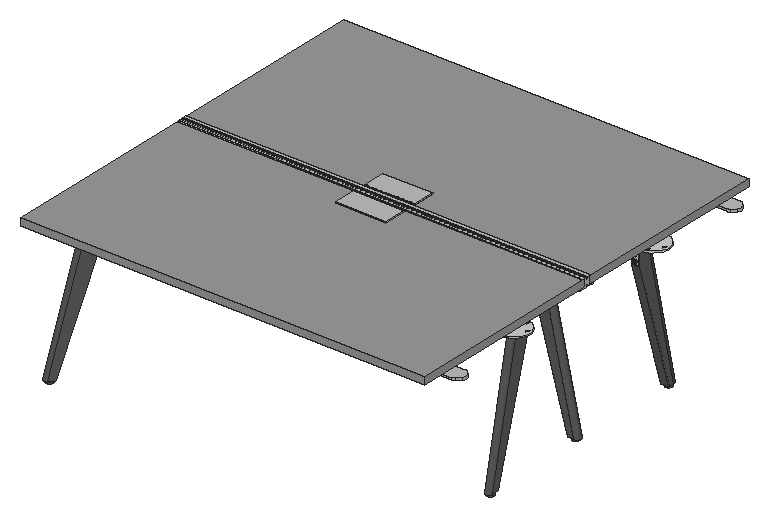
Revit family "Haworth_AWood_Bench_FixedLegs_DoubleStartModule_EU_PRELIMINARY", category Furniture, Revit 2019
Family settings
  OmniClass Number = 23.40.70.14.64.11
  OmniClass Title = Office Furniture
  Work Plane-Based = No
  Always vertical = Yes
  Cut with Voids When Loaded = No
  Shared = No
  Room Calculation Point = No
Parameters (values of type "200 x 200")
  Worksurface Depth = "160, 180, 200cm"  # constant formula
  Worksurface Width = "120, 140, 160, 180, 200cm"  # constant formula
  Warranty = "http://www.haworth.com/resources/product-info/warranties"
  URL - Product = "https://www.haworth.com/eu/en/products/office-desks/a-wood.html?_br_psugg_q=awood"
  Type Comments = ""
  URL = "https://www.haworth.com/eu/en.html"
  Trim Finish = Haworth _ Metal _ Structured White EC
  Tray Depth = Actual Depth - 80 cm  # 120 cm
  Top Finish [instance] = Haworth _ Laminate _ Undecided _ Tables
  Small = no
  Size = "Verify Final Dim.w/ Haworth"  # constant formula
  Round Cable Outlet = no
  Revision Number = "1"  # constant formula
  No Accessory Kit = not(or(Accessory Kit, Flip Top Cable Outlet, Round Cable Outlet))  # no
  Model = "AWB3LXXXX"  # constant formula
  Medium = not(or(Large, Small))  # no
  Manufacturer = "Haworth"  # constant formula
  Leg Height = Actual Height - 3.5 cm  # 69.5 cm
  Large = yes
  Flip Top Finish = Haworth _ Paint _ Metallic Silver
  Flip Top Cable Outlet = yes
  Description = "Haworth - A_Wood - Fixed Legs - Double Start Module"  # constant formula
  Depth = if(Central Rail, Actual Depth / 2 - 1 cm, Actual Depth)  # 99 cm
  Central Rail = yes
  Base Finish [instance] = Haworth _ Paint _ Black
  Author = "Haworth (Abd Rahman)"  # constant formula
  Assembly Code = "E2020200"
  Actual Width = 200 cm
  Actual Height = 73 cm  # constant formula
  Actual Depth = if(Small, 160 cm, if(Medium, 180 cm, 200 cm))  # 200 cm
  Accessory Kit = yes
Types (8, lengths in cm): name | Tray Depth | Small | Round Cable Outlet | No Accessory Kit | Medium | Large | Flip Top Cable Outlet | Depth | Central Rail | Actual Width | Actual Depth | Accessory Kit
  120 x 160 | 80 | yes | no | yes | no | no | no | 160 | no | 120 | 160 | no
  140 x 180 | 100 | no | no | yes | yes | no | no | 89 | yes | 140 | 180 | no
  160 x 200 | 120 | no | yes | no | no | yes | no | 99 | yes | 160 | 200 | no
  180 x 160 | 80 | yes | no | yes | no | no | no | 160 | no | 180 | 160 | no
  200 x 180 | 100 | no | no | yes | yes | no | no | 89 | yes | 200 | 180 | no
  200 x 200 | 120 | no | no | no | no | yes | yes | 99 | yes | 200 | 200 | yes
  160 x 160 | 80 | yes | no | no | no | no | yes | 160 | no | 160 | 160 | yes
  180 x 180 | 100 | no | no | yes | yes | no | no | 89 | yes | 180 | 180 | no
Reference planes (cm)
  plane 1 "Center F/B": y = 17.4526
  plane 2: z = 0
  plane 3 "Center L/R": x = 11.43
  plane 4 "Top": z = 73
  plane 5 "Left": x = -88.57
  plane 6 "Right": x = 111.43
  plane 7 "Back": y = 117.4526
  plane 8 "Front": y = -82.5474
  plane 9: y = 102.4526
  plane 10: y = -67.5474
  plane 11: z = 70.5
  plane 12: z = 69.5
  plane 13: x = -83.57
  plane 14: x = 106.43
  plane 15: y = 52.4526
  plane 16: y = -17.5474
  plane 17: x = 86.43
Dimensions and locks (cm)
  "Actual Height": plane 4 "Top" to level
  equal spacing: plane 7 "Back", plane 1 "Center F/B", plane 8 "Front"
  "Actual Depth": plane 7 "Back" to plane 8 "Front"
  equal spacing: plane 5 "Left", plane 3 "Center L/R", plane 6 "Right"
  "Actual Width": plane 5 "Left" to plane 6 "Right"
  plane 4 "Top" to plane 11 to plane 12 = 2.5 cm locked, 1 cm locked
  locked: plane 5 "Left" to plane 13 at 5
  locked: plane 14 to plane 6 "Right" at 5
  locked: plane 8 "Front" to plane 10 at 15
  locked: plane 7 "Back" to plane 9 at 15
  locked: plane 1 "Center F/B" to plane 15 at 35
  locked: plane 1 "Center F/B" to plane 16 at 35
  locked: plane 17 to plane 14 at 20
  aligned and locked: nested 1 to plane 10
  aligned and locked: nested 1 to plane 13
  aligned and locked: nested 3 to plane 13
  aligned and locked: nested 3 to plane 9
  aligned and locked: plane 3 "Center L/R" to nested 4
  aligned and locked: nested 4 to plane 4 "Top"
  aligned and locked: nested 5 to plane 13
  aligned and locked: plane 4 "Top" to nested 5
  aligned and locked: plane 3 "Center L/R" to nested 2
  aligned and locked: nested 2 to plane 8 "Front"
  aligned and locked: plane 3 "Center L/R" to nested 6
  aligned and locked: plane 7 "Back" to nested 6
  aligned and locked: plane 3 "Center L/R" to nested 7
  aligned and locked: nested 7 to plane 1 "Center F/B"
  aligned and locked: nested 7 to plane 4 "Top"
  aligned and locked: nested 8 to plane 1 "Center F/B"
  aligned and locked: nested 9 to plane 1 "Center F/B"
  aligned and locked: plane 13 to nested 8
  aligned and locked: nested 9 to plane 14
  aligned and locked: nested 9 to plane 12
  aligned and locked: nested 8 to plane 12
  aligned and locked: nested 7 to nested 4
  aligned and locked: nested 10 to plane 3 "Center L/R"
  aligned and locked: nested 10 to nested 7
  aligned and locked: plane 4 "Top" to nested 10
  aligned and locked: nested 7 to nested 5
  aligned and locked: nested 11 to plane 14
  aligned and locked: plane 4 "Top" to nested 11
  aligned and locked: nested 12 to plane 14
  aligned and locked: plane 14 to nested 13
  aligned and locked: nested 2 to nested 14
  aligned and locked: plane 15 to nested 13
  aligned and locked: nested 12 to plane 16
  aligned and locked: nested 7 to nested 11
  aligned and locked: nested 15 to plane 10
  aligned and locked: nested 15 to plane 14
  aligned and locked: plane 9 to nested 16
  aligned and locked: plane 14 to nested 16
  aligned and locked: nested 16 to plane 12
  aligned and locked: nested 15 to plane 12
  aligned and locked: nested 14 to plane 17
Nested families (cm)
  nested 1: "Haworth_A_Wood_SingleLeg_PART" at (-23.7556, -17.3543, 0), Leg Finish <- "Base Finish", type "A_Wood Legs - PART"
    with Leg Finish Haworth _ Paint _ Black
  nested 2: "Haworth_A_Wood_Top_Rectangular-PART" at (170.2444, 38.0136, 0), Top Finish <- "Top Finish", visible <- "Central Rail", type "A_Wood Top Rectangular - PART"
    with Top Finish Haworth _ Laminate _ Undecided _ Tables, Void Depth 0 cm, Scallop no, Rounded Corners no, Actual Width 200 cm, Actual Depth 99 cm
  nested 3: "Haworth_A_Wood_SingleLeg_PART" at (-23.1269, 52.8883, 0) x (0, -1, 0) z (0, 0, 1), Leg Finish <- "Base Finish", type "A_Wood Legs - PART"
    with Leg Finish Haworth _ Paint _ Black
  nested 4: "Haworth-Flip Top" at (9.9813, 26.3193, -7), visible <- "Flip Top Cable Outlet", type "Flip Top - Visio"
    with Actual Width 25 cm
  nested 5: "Haworth_Grommet-PART" at (-63.3841, 54.6626, 20.7768), visible <- "Round Cable Outlet", type "Cable Outlet"
  nested 6: "Haworth_A_Wood_Top_Rectangular-PART" at (170.2444, 139.0136, 0), Top Finish <- "Top Finish", type "A_Wood Top Rectangular - PART"
    with Top Finish Haworth _ Laminate _ Undecided _ Tables, Void Depth 0 cm, Scallop no, Rounded Corners no, Actual Width 200 cm, Actual Depth 99 cm
  nested 7: "Haworth_A_Wood_Accessories_CentralRail_PART" at (170.2444, 67.0136, -0.075), visible <- "Central Rail", type "A_Wood Rail - PART"
    with Actual Width 200 cm
  nested 8: "Haworth_A_Wood_Accessories_SideGirder_PART" at (-129.6309, 176.267, -3.5) x (0, 1, 0) z (0, 0, 1), type "A_Wood Legs - PART"
    with Actual Width 120 cm
  nested 9: "Haworth_A_Wood_Accessories_SideGirder_PART" at (40.3691, 176.267, -3.5) x (0, 1, 0) z (0, 0, 1), type "A_Wood Legs - PART"
    with Actual Width 120 cm
  nested 10: "Haworth-Flip Top" at (9.9813, 8.586, -7), visible <- "Flip Top Cable Outlet", type "Flip Top - Visio"
    with Actual Width 25 cm
  nested 11: "Haworth_Grommet-PART" at (86.2441, -19.7574, 20.7768) x (-1, 0, 0) z (0, 0, 1), visible <- "Round Cable Outlet", type "Cable Outlet"
  nested 12: "Haworth_A_Wood_SingleLeg_PART" at (107.8345, 43.0637, 0) x (0.7071, 0.7071, 0) z (0, 0, 1), Leg Finish <- "Base Finish", type "A_Wood Legs - PART"
    with Leg Finish Haworth _ Paint _ Black
  nested 13: "Haworth_A_Wood_SingleLeg_PART" at (107.8345, -8.1584, 0) x (0.7071, -0.7071, 0) z (0, 0, 1), Leg Finish <- "Base Finish", type "A_Wood Legs - PART"
    with Leg Finish Haworth _ Paint _ Black
  nested 14: "Haworth_A_Wood_SingleLeg_PART" at (25.8189, 17.0081, 0) x (-0.7071, 0.7071, 0) z (0, 0, 1), Leg Finish <- "Base Finish", type "A_Wood Legs - PART"
    with Leg Finish Haworth _ Paint _ Black
  nested 15: "Haworth_A_Wood_Accessories_LinkingPlate_PART" at (153.7444, -17.5015, -1), type "A_Wood Legs - PART"
  nested 16: "Haworth_A_Wood_Accessories_LinkingPlate_PART" at (153.7444, 152.4985, -1), type "A_Wood Legs - PART"
Definition of nested family "Haworth_A_Wood_SingleLeg_PART"
  Parameters (values of type "A_Wood Legs - PART")
    Warranty = "https://www.haworth.com/resources/product-info/warranties"
    URL - Product = ""
    Model = "Haworth - A_Wood"  # constant formula
    Metal Finish = none
    Leg Finish [instance] = none
    Description = "Haworth - A_Wood - Legs - PART"  # constant formula
    URL = ""
    Revision Number = "1"  # constant formula
    Manufacturer = "Haworth"  # constant formula
    Author = "Haworth (Abd Rahman)"  # constant formula
    Assembly Code = "E2020200"
    Actual Height = 73 cm  # constant formula
  Reference planes (cm)
    plane 1 "Bottom": z = 0
    plane 2 "Top": z = 73
    plane 3 "Top Bottom": z = 69.5
    plane 4: x = -59.8144
    plane 5: x = -39.3144
    plane 6: y = -39.9431
    plane 7 "Front": y = -60.4431
    plane 8: x = -49.5644
    plane 9: y = -50.1931
  Forms (cm)
    SweptBlend 1, solid, material <- "Leg Finish"
      path origin (-58.7425, -59.2694, 121.92) x (-0.707107, -0.707107, 0) y (0, 0, -1)
        loop
          line (-1.6984, 123.3068) -> (-17.8231, 51.5727)
      profile origin (-57.5416, -58.0684, -1.3868) x (-0.689892, -0.689892, 0.219313) y (0.707107, -0.707107, 0)
        loop
          line (-2.6886, 1.6172) -> (-2.6886, -2.1828) -> (0.0676, -2.1828)
          arc (0.0676, -2.1828) -> (1.9676, -0.2828) -> (0.0676, 1.6172) r 1.9
          line (0.0676, 1.6172) -> (-2.6886, 1.6172)
      end profile origin (-46.1396, -46.6665, 70.3473) x (-0.689892, -0.689892, 0.219313) y (0.707107, -0.707107, 0)
        loop
          line (-7.1321, -2.1828) -> (0, -2.1828)
          arc (0, -2.1828) -> (1.9, -0.2828) -> (0, 1.6172) r 1.9
          line (0, 1.6172) -> (-7.1321, 1.6172) -> (-7.1321, -2.1828)
    Extrusion 2, void
      sketch origin (-58.7425, -59.2694, 121.92) x (-0.707107, -0.707107, 0) y (0, 0, -1)
        loop
          line (-22.8359, 60.9135) -> (-31.3359, 60.9135) -> (-31.3359, 46.4135) -> (-6.8632, 46.4135) -> (-6.8632, 53.0135) -> (-22.8359, 53.0135) -> (-22.8359, 60.9135)
        loop
          line (1.2172, 120.9135) -> (1.2172, 124.4135) -> (-5.7828, 124.4135) -> (-5.7828, 120.9135) -> (1.2172, 120.9135)
      from -2.1828 to 1.6172
    Extrusion 3, solid, material <- "Metal Finish"
      sketch origin (22.515, 0, 0) x (-1, 0, 0) y (0, -1, 0)
        loop
          arc (63.3082, 55.3567) -> (64.353, 43.9204) -> (75.222, 40.2132) r 10.5502
          arc (75.222, 40.2132) -> (77.0947, 53.9447) -> (63.3082, 55.3567) r 9.6395
        loop
          circle (75.5231, 43.1034) r 0.6436
        loop
          circle (69.4207, 42.3367) r 0.5
        loop
          circle (63.9678, 47.7855) r 0.5
        loop
          circle (64.6924, 53.9741) r 0.6849
        loop
          circle (74.6212, 53.0565) r 0.7071
      from 68.9065 to 69.5
    Revolve 4, solid
      sketch origin (-0.1869, -57.1918, 0) x (1, 0, 0) y (0, 0, 1)
        loop
          line (-56.6292, 1.0037) -> (-56.6292, 0) -> (-54.9292, 0) -> (-54.9292, 0.4) -> (-56.0292, 0.4) -> (-56.0292, 1.0037) -> (-56.6292, 1.0037)
        axis (-56.6292, 1.0037) -> (-56.6292, 0)
      angle from 0 to 360
    Extrusion 5, solid, material <- "Metal Finish"
      sketch origin (-25.6346, -85.9201, 0) x (0.707107, -0.707107, 0) y (0, 0, 1)
        loop
          line (-44.0328, 69.5) -> (-44.0328, 62.4065) -> (-41.0328, 62.4065) -> (-41.0328, 69.5) -> (-44.0328, 69.5)
        loop
          circle (-42.5693, 66.9745) r 1
        loop
          circle (-42.5978, 63.7457) r 1
      from -18.4115 to -18.1579
    Extrusion 6, void
      sketch origin (-25.6346, -85.9201, 0) x (0.707107, -0.707107, 0) y (0, 0, 1)
        loop
          circle (-42.5693, 66.9745) r 1
        loop
          circle (-42.5978, 63.7457) r 1
      from -20.0066 to -17.9454
  Cuts and joins
    Extrusion 2, Extrusion 6 cuts SweptBlend 1
    Extrusion 6 cuts Extrusion 5
    joined: Extrusion 3, Extrusion 5
  Lines and regions (cm)
    symbolic lines, detail levels medium+fine
      curve 1: arc (-53.9353, -40.9662, 0) -> (-42.6617, -43.3429, 0) -> (-40.285, -54.6165, 0) r 10.5502
      curve 2: arc (-40.285, -54.6165, 0) -> (-46.2123, -57.5166, 0) -> (-52.6178, -55.9317, 0) r 9.6539
      curve 3: line (-58.7572, -56.6971, 0) -> (-55.2939, -53.2338, 0)
      curve 4: line (-52.6178, -55.9317, 0) -> (-56.0702, -59.3841, 0)
      curve 5: arc (-56.074, -59.3805, 0) -> (-58.786, -59.4129, 0) -> (-58.7536, -56.7008, 0) r 1.8953
      curve 6: arc (-55.2939, -53.2338, 0) -> (-56.8312, -46.8545, 0) -> (-53.9353, -40.9662, 0) r 9.6539
  Dimensions and locks (cm)
    "Actual Height": plane 2 "Top" to level
    plane 2 "Top" to plane 3 "Top Bottom" = 3.5 cm
    equal spacing: plane 4, plane 8, plane 5
    equal spacing: plane 6, plane 9, plane 7 "Front"
    Extrusion 5 sketch curve to cut or joined group of SweptBlend 1, Extrusion 2, Extrusion 6 = 0.3942 cm
    Extrusion 5 sketch curve to Extrusion 5 sketch curve = 3 cm
  Automatic sketch dimensions
    curve 2 to curve 6 = 0 cm  (x2)
    plane 4 to curve 5 = 2.3685 cm
    plane 4 to curve 3 = 4.5204 cm
    curve 4 to plane 8 = 3.0535 cm
    curve 1 to plane 8 = 0.5574 cm
    plane 8 to curve 6 = 2.3284 cm
    curve 5 to plane 7 "Front" = 2.3704 cm
    curve 4 to plane 7 "Front" = 4.5114 cm
    curve 3 to plane 9 = 3.0407 cm
    curve 1 to plane 9 = 0.6099 cm
    curve 1 to curve 6 = 2.8858 cm
    plane 4 to curve 5 = 1.0607 cm
    curve 3 to curve 5 = 0.0036 cm
    curve 5 to curve 5 = 1.3718 cm
    curve 4 to plane 7 "Front" = 1.059 cm
    curve 5 to curve 4 = 0.0038 cm
    curve 1 to plane 6 = 1.0231 cm
    curve 4 to curve 5 = 0.0036 cm
    curve 5 to curve 3 = 0.0038 cm
    plane 3 "Top Bottom" to SweptBlend 1 sketch curve = 0.8473 cm
    SweptBlend 1 sketch curve to level = 1.3868 cm
    SweptBlend 1 sketch curve to SweptBlend 1 sketch curve = 16.1248 cm
    profile plane to SweptBlend 1 sketch curve = 1.6172 cm
    profile plane to SweptBlend 1 sketch curve = 2.6886 cm
    SweptBlend 1 sketch curve to profile plane = 0.0676 cm
    SweptBlend 1 sketch curve to profile plane = 0.2828 cm  (x2)
    SweptBlend 1 sketch curve to profile plane = 0 cm
    SweptBlend 1 sketch curve to profile plane = 2.1828 cm
    SweptBlend 1 sketch curve to SweptBlend 1 sketch curve = 7.1321 cm
    Extrusion 2 sketch curve to plane 3 "Top Bottom" = 8.4935 cm
    Extrusion 2 sketch curve to Extrusion 2 sketch curve = 8.5 cm
    Extrusion 2 sketch curve to plane 3 "Top Bottom" = 0.5935 cm
    Extrusion 2 sketch curve to Extrusion 2 sketch curve = 15.9727 cm
    level to Extrusion 2 sketch curve = 1.0065 cm
    Extrusion 2 sketch curve to Extrusion 2 sketch curve = 17.0531 cm
    Extrusion 2 sketch curve to level = 2.4935 cm
    Extrusion 2 sketch curve to Extrusion 2 sketch curve = 7 cm
    plane 2 "Top" to Extrusion 2 sketch curve = 2.5065 cm
    plane 5 to Extrusion 3 sketch curve = 2.1385 cm
    plane 5 to Extrusion 3 sketch curve = 2.8631 cm
    Extrusion 3 sketch curve to plane 8 = 2.6586 cm
    Extrusion 3 sketch curve to plane 8 = 2.5606 cm
    plane 8 to Extrusion 3 sketch curve = 0.5653 cm
    plane 8 to Extrusion 3 sketch curve = 2.5418 cm
    plane 8 to Extrusion 3 sketch curve = 3.4437 cm
    plane 9 to Extrusion 3 sketch curve = 3.781 cm
    plane 9 to Extrusion 3 sketch curve = 2.8634 cm
    plane 9 to Extrusion 3 sketch curve = 0.2507 cm
    Extrusion 3 sketch curve to Extrusion 3 sketch curve = 2.4593 cm
    Extrusion 3 sketch curve to plane 9 = 2.4076 cm
    plane 6 to Extrusion 3 sketch curve = 3.1604 cm
    plane 6 to Extrusion 3 sketch curve = 2.3936 cm
    plane 5 to Extrusion 3 sketch curve = 1.4789 cm
    plane 6 to Extrusion 3 sketch curve = 0.2702 cm
    Revolve 4 sketch curve to level = 0 cm
    level to Revolve 4 sketch curve = 1.0037 cm
    plane 4 to Revolve 4 sketch curve = 2.9983 cm
    Revolve 4 sketch curve to Revolve 4 sketch curve = 0.6 cm
    Revolve 4 sketch curve to Revolve 4 sketch curve = 1.1 cm
    Revolve 4 sketch curve to Revolve 4 sketch curve = 0.4 cm
    Revolve 4 sketch curve to Revolve 4 sketch curve = 0 cm  (x2)
    Revolve 4 sketch curve to level = 0.0502 cm
    Extrusion 5 sketch curve to Extrusion 5 sketch curve = 1.435 cm
    Extrusion 5 sketch curve to Extrusion 5 sketch curve = 1.4634 cm
    Extrusion 5 sketch curve to plane 3 "Top Bottom" = 7.0935 cm
    Extrusion 5 sketch curve to Extrusion 5 sketch curve = 1.3391 cm
    Extrusion 5 sketch curve to plane 3 "Top Bottom" = 2.5255 cm
    Extrusion 5 sketch curve to plane 3 "Top Bottom" = 0 cm
    Extrusion 6 sketch curve to Extrusion 6 sketch curve = 3.2289 cm
    Extrusion 6 sketch curve to plane 3 "Top Bottom" = 5.7543 cm
    Extrusion 6 sketch curve to Extrusion 6 sketch curve = 0.0285 cm
    radius of Extrusion 3 sketch curve = 0.6436 cm
    radius of Extrusion 3 sketch curve = 0.5 cm  (x2)
    radius of Extrusion 3 sketch curve = 0.6849 cm
    radius of Extrusion 3 sketch curve = 0.7071 cm
    radius of Extrusion 5 sketch curve = 1 cm  (x2)
    radius of Extrusion 6 sketch curve = 1 cm  (x2)
Definition of nested family "Haworth_A_Wood_Top_Rectangular-PART"
  Parameters (values of type "A_Wood Top Rectangular - PART")
    Warranty = "https://www.haworth.com/resources/product-info/warranties"
    Void Depth = 15 cm
    URL - Product = ""
    Top Finish [instance] = none
    Thickness = 3.5 cm
    Squared Corners = yes
    Scallop = yes
    Rounded Corners = yes
    Rectangle = no
    Model = "Haworth - A_Wood"  # constant formula
    Description = "Haworth - A_Wood - Rectangular - Top - PART"  # constant formula
    URL = ""
    Revision Number = "1"  # constant formula
    Manufacturer = "Haworth"  # constant formula
    Author = "Haworth (Abd Rahman)"  # constant formula
    Assembly Code = "E2020200"
    Actual Width = 120 cm
    Actual Depth = 100 cm
  Reference planes (cm)
    plane 1 "Bottom": z = 0
    plane 2 "Top": z = 73
    plane 3 "Top Bottom": z = 69.5
    plane 4: x = -218.8144
    plane 5 "Right": x = -98.8144
    plane 6: y = -21.0609
    plane 7 "Front": y = -121.0609
    plane 8: x = -158.8144
    plane 9: y = -71.0609
    plane 10: y = -36.0609
    plane 11: x = -194.8144
    plane 12: x = -122.8144
  Forms (cm)
    Extrusion 1, solid, material <- "Top Finish", visible <- "Squared Corners"
      sketch origin (0, 0, 0) x (1, 0, 0) y (0, 1, 0)
        loop
          line (-218.8144, -21.0609) -> (-218.8144, -121.0609) -> (-98.8144, -121.0609) -> (-98.8144, -21.0609) -> (-218.8144, -21.0609)
      from 69.5 to 73
    Extrusion 2, solid, material <- "Top Finish", visible <- "Rounded Corners"
      sketch origin (0, 0, 0) x (1, 0, 0) y (0, 1, 0)
        loop
          arc (-214.8144, -21.0609) -> (-217.6428, -22.2325) -> (-218.8144, -25.0609) r 4
          line (-218.8144, -25.0609) -> (-218.8144, -117.0609)
          arc (-218.8144, -117.0609) -> (-217.6428, -119.8893) -> (-214.8144, -121.0609) r 4
          line (-214.8144, -121.0609) -> (-102.8144, -121.0609)
          arc (-102.8144, -121.0609) -> (-99.9859, -119.8893) -> (-98.8144, -117.0609) r 4
          line (-98.8144, -117.0609) -> (-98.8144, -25.0609)
          arc (-98.8144, -25.0609) -> (-99.9859, -22.2325) -> (-102.8144, -21.0609) r 4
          line (-102.8144, -21.0609) -> (-214.8144, -21.0609)
      from 69.5 to 73
    Extrusion 3, void
      sketch origin (0, 0, 0) x (1, 0, 0) y (0, 1, 0)
        loop
          line (-194.8144, -21.0609) -> (-189.1575, -36.0609) -> (-128.4712, -36.0609) -> (-122.8144, -21.0609) -> (-194.8144, -21.0609)
      from 0 to 182.4895
  Cuts and joins
    Extrusion 3 cuts Extrusion 2
    Extrusion 3 cuts Extrusion 1
  Lines and regions (cm)
    Masking region 1, visible <- "Squared Corners"
      outline origin (0, 0, 0) x (1, 0, 0) y (0, 1, 0)
        loop
          line (-218.8144, -21.0609) -> (-218.8144, -121.0609) -> (-98.8144, -121.0609) -> (-98.8144, -21.0609) -> (-218.8144, -21.0609)
    Masking region 2
      outline origin (0, -0.1905, 0) x (1, 0, 0) y (0, 1, 0)
        loop
          arc (-215.1194, -20.8704) -> (-217.7534, -22.199) -> (-218.8144, -24.9517) r 4.1015
          line (-218.8144, -24.9517) -> (-218.8144, -117.0498)
          arc (-218.8144, -117.0498) -> (-217.6953, -119.7514) -> (-214.9938, -120.8704) r 3.8205
          line (-214.9938, -120.8704) -> (-102.6349, -120.8704)
          arc (-102.6349, -120.8704) -> (-99.9334, -119.7514) -> (-98.8144, -117.0498) r 3.8205
          line (-98.8144, -117.0498) -> (-98.8144, -24.9517)
          arc (-98.8144, -24.9517) -> (-99.8753, -22.199) -> (-102.5093, -20.8704) r 4.1015
          line (-102.5093, -20.8704) -> (-215.1194, -20.8704)
  Dimensions and locks (cm)
    equal spacing: plane 4, plane 8, plane 5 "Right"
    equal spacing: plane 6, plane 9, plane 7 "Front"
    "Actual Depth": plane 7 "Front" to plane 6
    "Actual Width": plane 4 to plane 5 "Right"
    plane 2 "Top" to plane 3 "Top Bottom" = 3.5 cm  (x2)
    "Thickness": plane 2 "Top" to plane 3 "Top Bottom"
    locked: plane 4 to plane 11 at 24
    locked: plane 12 to plane 5 "Right" at 24
    "Void Depth": plane 10 to plane 6
    aligned and locked: Extrusion 1 sketch curve to plane 5 "Right"
    aligned and locked: Extrusion 1 sketch curve to plane 6
    aligned and locked: plane 4 to Extrusion 1 sketch curve
    aligned and locked: Extrusion 1 sketch curve to plane 7 "Front"
    aligned and locked: plane 2 "Top" to Extrusion 1
    aligned and locked: Extrusion 1 to plane 3 "Top Bottom"
    aligned and locked: Masking region 1 sketch curve to plane 5 "Right"
    aligned and locked: Masking region 1 sketch curve to plane 6
    aligned and locked: plane 4 to Masking region 1 sketch curve
    aligned and locked: Masking region 1 sketch curve to plane 7 "Front"
    aligned and locked: plane 6 to Masking region 2
    aligned and locked: plane 5 "Right" to Masking region 2
    aligned and locked: plane 7 "Front" to Extrusion 2
    aligned and locked: plane 7 "Front" to Masking region 2
    aligned and locked: Masking region 2 to plane 4
    aligned and locked: plane 10 to Extrusion 3 sketch curve
    aligned and locked: plane 6 to Extrusion 3 sketch curve
  Automatic sketch dimensions
    Extrusion 2 sketch curve to plane 4 = 0 cm
    plane 7 "Front" to Extrusion 2 sketch curve = 0 cm
    Extrusion 2 sketch curve to plane 6 = 0 cm
    Extrusion 2 sketch curve to plane 5 "Right" = 0 cm
    plane 4 to Extrusion 2 sketch curve = 4 cm  (x2)
    Extrusion 2 sketch curve to plane 5 "Right" = 4 cm  (x2)
    plane 4 to Masking region 2 sketch curve = 0 cm
    Masking region 2 sketch curve to plane 7 "Front" = 0 cm
    Masking region 2 sketch curve to plane 5 "Right" = 0 cm
    Masking region 2 sketch curve to plane 6 = 0 cm
    plane 4 to Masking region 2 sketch curve = 3.6949 cm
    Masking region 2 sketch curve to Masking region 2 sketch curve = 4.1015 cm
    Masking region 2 sketch curve to Masking region 2 sketch curve = 3.8205 cm
    Masking region 2 sketch curve to plane 5 "Right" = 3.8205 cm
    Masking region 2 sketch curve to plane 5 "Right" = 4.1015 cm
    Masking region 2 sketch curve to plane 5 "Right" = 3.6949 cm
    Extrusion 3 sketch curve to plane 11 = 0 cm  (x2)
    Extrusion 3 sketch curve to plane 6 = 0 cm  (x2)
    Extrusion 3 sketch curve to plane 12 = 0 cm  (x2)
    Extrusion 3 sketch curve to plane 11 = 5.6569 cm
    plane 12 to Extrusion 3 sketch curve = 5.6569 cm
Definition of nested family "Haworth-Flip Top"
  Parameters (values of type "Flip Top - Visio")
    Warranty = ""
    URL - Product = ""
    URL = ""
    Sustainability Info = ""
    Size = "Verify Final Dim. w/ Haworth"  # constant formula
    Single Sided = no
    Single Sided Wide = yes
    Revision Number = ""
    OmniClass Number = ""
    Material Options = ""
    Manufacturer = "Haworth"  # constant formula
    LEED Data = ""
    Flip Top Height = 2.5 cm
    Flip Top Finish = none
    Double Sided = no
    Double Sided Wide = no
    Author = "SHAPE Environments, LLC"  # constant formula
    Assembly Code = ""
    Actual Width = 20 cm
    Actual Height = 80 cm
    Actual Depth = 11 cm
  Reference planes (cm)
    plane 1 "Center F/B": y = 0.1333
    plane 2: z = 0
    plane 3 "Center L/R": x = 1.4487
    plane 4 "Back": y = 5.6333
    plane 5 "Right": x = 11.4487
    plane 6 "Front": y = -5.3667
    plane 7 "Left": x = -8.5513
    plane 8 "Table Height": z = 80
    plane 9: z = 77.5
  Forms (cm)
    Extrusion 1, solid, material <- "Flip Top Finish"
      sketch origin (0, 0, 80) x (-1, 0, 0) y (0, -1, 0)
        loop
          line (8.5513, -5.6333) -> (8.5513, 5.3667) -> (-11.4487, 5.3667) -> (-11.4487, -5.6333) -> (8.5513, -5.6333)
      from 0 to 0.3175
    Extrusion 2, solid, material <- "Flip Top Finish"
      sketch origin (0, 0, 80) x (-1, 0, 0) y (0, -1, 0)
        loop
          line (8.2338, -5.1571) -> (8.2338, 4.8904) -> (-11.1312, 4.8904) -> (-11.1312, -5.1571) -> (8.2338, -5.1571)
      from 0 to -2.5
  Cuts and joins
    joined: Extrusion 1, Extrusion 2
  Lines and regions (cm)
    symbolic lines
      curve 1: line (-8.5513, 5.6333, 80) -> (11.4487, 5.6333, 80)
      curve 2: line (-8.5513, -5.3667, 80) -> (-8.5513, 5.6333, 80)
      curve 3: line (11.4487, -5.3667, 80) -> (-8.5513, -5.3667, 80)
      curve 4: line (11.4487, 5.6333, 80) -> (11.4487, -5.3667, 80)
  Dimensions and locks (cm)
    equal spacing: plane 7 "Left", plane 3 "Center L/R", plane 5 "Right"
    "Actual Width": plane 7 "Left" to plane 5 "Right"
    equal spacing: plane 6 "Front", plane 1 "Center F/B", plane 4 "Back"
    "Actual Depth": plane 4 "Back" to plane 6 "Front"
    plane 7 "Left" to Extrusion 2 sketch curve = 0.3175 cm
    plane 4 "Back" to Extrusion 2 sketch curve = 0.4762 cm
    Extrusion 2 sketch curve to plane 5 "Right" = 0.3175 cm
    Extrusion 2 sketch curve to plane 6 "Front" = 0.4763 cm
    "Actual Height": plane 8 "Table Height" to level
    "Flip Top Height": plane 8 "Table Height" to plane 9
    aligned and locked: plane 7 "Left" to Extrusion 1 sketch curve
    aligned and locked: Extrusion 1 sketch curve to plane 4 "Back"
    aligned and locked: plane 6 "Front" to Extrusion 1 sketch curve
    aligned and locked: Extrusion 1 sketch curve to plane 5 "Right"
    aligned and locked: plane 9 to cut or joined group of Extrusion 1, Extrusion 2
  Automatic sketch dimensions
    curve 4 to plane 5 "Right" = 0 cm
    curve 2 to plane 4 "Back" = 0 cm
    curve 2 to plane 7 "Left" = 0 cm
    curve 4 to plane 6 "Front" = 0 cm
Definition of nested family "Haworth_Grommet-PART"
  Parameters (values of type "Cable Outlet")
    Warranty = "http://www.haworth.com/resources/product-info/warranties"
    Vertical = no
    URL = "www.haworth.com"
    Trim Finish = none
    Size = "Verify Final Dim. w/ Haworth"  # constant formula
    Revision Number = "1"  # constant formula
    Model = "X742"  # constant formula
    Manufacturer = "Haworth"  # constant formula
    Horizontal = yes
    Description = "Haworth - Cable Outlet - 25mm"  # constant formula
    Author = "Haworth (Abd Rahman)"  # constant formula
    Assembly Code = "E2020200"
    Actual Width = 9 cm  # constant formula
    Actual Height = 0.2 cm  # constant formula
    Actual Depth = 9 cm  # constant formula
  Reference planes (cm)
    plane 1: z = 52.2232
    plane 2 "Center L/R": x = -15.6859
    plane 3 "Center F/B": y = -29.21
    plane 4 "Top": z = 52.4232
    plane 5 "Back": y = -24.71
    plane 6 "Front": y = -33.71
    plane 7 "Right": x = -11.1859
    plane 8 "Left": x = -20.1859
    plane 9: x = -15.505
  Forms (cm)
    Revolve 1, solid, material <- "Trim Finish", visible <- "Vertical"
      sketch origin (-67.9273, -29.21, 36.6305) x (0, 0, 1) y (1, 0, 0)
        loop
          line (15.6859, 52.4223) -> (11.5684, 52.4223)
          arc (11.5684, 52.4223) -> (11.398, 52.3576) -> (11.2576, 52.2414) r 0.557
          line (11.2576, 52.2414) -> (15.6859, 52.2414) -> (15.6859, 52.4223)
        axis (15.6859, 52.4223) -> (15.6859, 52.2414)
      angle from 0 to 360
    Extrusion 2, void
      sketch origin (-67.9273, 0.0749, 36.6305) x (0, 0, -1) y (0, 1, 0)
        loop
          line (-17.5569, -26.0506) -> (-17.3333, -28.1782)
          arc (-17.3333, -28.1782) -> (-17.1796, -28.323) -> (-16.9822, -28.2479) r 0.1989
          arc (-16.9822, -28.2479) -> (-16.9186, -28.1652) -> (-16.8471, -28.0891) r 1.0616
          arc (-16.8471, -28.0891) -> (-16.3186, -27.7135) -> (-15.6859, -27.5721) r 1.6402
          arc (-15.6859, -27.5721) -> (-15.1781, -27.6415) -> (-14.7164, -27.8643) r 1.6402
          arc (-14.7164, -27.8643) -> (-14.5025, -27.8909) -> (-14.3853, -27.7099) r 0.203
          line (-14.3853, -27.7099) -> (-14.1679, -25.8137)
          arc (-14.1679, -25.8137) -> (-15.8906, -25.5293) -> (-17.5569, -26.0506) r 3.7744
      from 0 to 71.12
    Revolve 3, solid, material <- "Trim Finish", visible <- "Horizontal"
      sketch origin (-0.0331, -29.3081, 0.0151) x (-1, 0, 0) y (0, 0, 1)
        loop
          line (15.6859, 52.408) -> (11.5287, 52.408)
          arc (11.5287, 52.408) -> (11.3569, 52.3343) -> (11.219, 52.208) r 0.5592
          line (11.219, 52.208) -> (15.6859, 52.208) -> (15.6859, 52.408)
        axis (15.6859, 52.408) -> (15.6859, 52.208)
      angle from 0 to 360
    Extrusion 4, void
      sketch origin (-0.0331, -0.0232, 0.0151) x (1, 0, 0) y (0, 1, 0)
        loop
          line (-17.5569, -26.0506) -> (-17.3333, -28.1782)
          arc (-17.3333, -28.1782) -> (-17.1796, -28.323) -> (-16.9822, -28.2479) r 0.1989
          arc (-16.9822, -28.2479) -> (-16.9186, -28.1652) -> (-16.8471, -28.0891) r 1.0616
          arc (-16.8471, -28.0891) -> (-16.3186, -27.7135) -> (-15.6859, -27.5721) r 1.6402
          arc (-15.6859, -27.5721) -> (-15.1781, -27.6415) -> (-14.7164, -27.8643) r 1.6402
          arc (-14.7164, -27.8643) -> (-14.5025, -27.8909) -> (-14.3853, -27.7099) r 0.203
          line (-14.3853, -27.7099) -> (-14.1679, -25.8137)
          arc (-14.1679, -25.8137) -> (-15.8906, -25.5293) -> (-17.5569, -26.0506) r 3.7744
      from 0 to 71.12
  Cuts and joins
    Extrusion 2 cuts Revolve 1
    Extrusion 4 cuts Revolve 3
  Lines and regions (cm)
    Masking region 1
      outline origin (0, 0, 0) x (1, 0, 0) y (0, 1, 0)
        loop
          circle (-15.6859, -29.2849) r 4.4363
        loop
          circle (-15.6859, -29.2849) r 4.0899
        loop
          line (-14.3853, -27.7099) -> (-14.1679, -25.8137)
          arc (-14.1679, -25.8137) -> (-15.8906, -25.5293) -> (-17.5569, -26.0506) r 3.7744
          line (-17.5569, -26.0506) -> (-17.3333, -28.1782)
          arc (-17.3333, -28.1782) -> (-17.1796, -28.323) -> (-16.9822, -28.2479) r 0.1989
          arc (-16.9822, -28.2479) -> (-16.9186, -28.1652) -> (-16.8471, -28.0891) r 1.0616
          arc (-16.8471, -28.0891) -> (-16.3186, -27.7135) -> (-15.6859, -27.5721) r 1.6402
          arc (-15.6859, -27.5721) -> (-15.1781, -27.6415) -> (-14.7164, -27.8643) r 1.6402
          arc (-14.7164, -27.8643) -> (-14.5025, -27.8909) -> (-14.3853, -27.7099) r 0.203
  Dimensions and locks (cm)
    equal spacing: plane 8 "Left", plane 2 "Center L/R", plane 7 "Right"
    "Actual Width": plane 8 "Left" to plane 7 "Right"
    equal spacing: plane 5 "Back", plane 3 "Center F/B", plane 6 "Front"
    "Actual Depth": plane 5 "Back" to plane 6 "Front"
    "Actual Height": plane 4 "Top" to plane 1
    aligned and locked: plane 3 "Center F/B" to cut or joined group of Revolve 1, Extrusion 2  (x2)
    aligned and locked: cut or joined group of Revolve 3, Extrusion 4 to plane 4 "Top"
    aligned and locked: cut or joined group of Revolve 3, Extrusion 4 to plane 1
    aligned and locked: cut or joined group of Revolve 1, Extrusion 2 to plane 2 "Center L/R"
    aligned and locked: plane 9 to cut or joined group of Revolve 1, Extrusion 2
  Automatic sketch dimensions
    Revolve 1 sketch curve to plane 1 = 4.335 cm
    Revolve 1 sketch curve to Revolve 1 sketch curve = 0.3107 cm
    Revolve 1 sketch curve to Revolve 1 sketch curve = 0.1099 cm
    Revolve 1 sketch curve to Revolve 1 sketch curve = 4.0077 cm
    Revolve 1 sketch curve to plane 7 "Right" = 4.8651 cm
    Revolve 1 sketch curve to Revolve 1 sketch curve = 0.3651 cm
    Revolve 1 sketch curve to Revolve 1 sketch curve = 0 cm  (x2)
    Revolve 1 sketch curve to Revolve 1 sketch curve = 0.0195 cm
    Extrusion 2 sketch curve to Extrusion 2 sketch curve = 0 cm  (x2)
    plane 1 to Extrusion 2 sketch curve = 1.9643 cm
    Extrusion 2 sketch curve to Extrusion 2 sketch curve = 0.4161 cm
    Extrusion 2 sketch curve to Extrusion 2 sketch curve = 1.0307 cm
    Extrusion 2 sketch curve to Extrusion 2 sketch curve = 0.4587 cm
    Extrusion 2 sketch curve to Extrusion 2 sketch curve = 0.0242 cm
    Extrusion 2 sketch curve to Extrusion 2 sketch curve = 1.0632 cm
    Extrusion 2 sketch curve to Extrusion 2 sketch curve = 0.203 cm
    Extrusion 2 sketch curve to Extrusion 2 sketch curve = 0.2174 cm
    Extrusion 2 sketch curve to plane 5 "Back" = 4.5096 cm
    Extrusion 2 sketch curve to Extrusion 2 sketch curve = 0.0825 cm
    Extrusion 2 sketch curve to Extrusion 2 sketch curve = 0.3588 cm
    Extrusion 2 sketch curve to Extrusion 2 sketch curve = 0.7253 cm
    Extrusion 2 sketch curve to Extrusion 2 sketch curve = 1.502 cm
    Extrusion 2 sketch curve to Extrusion 2 sketch curve = 0.0031 cm
    Extrusion 2 sketch curve to Extrusion 2 sketch curve = 2.0772 cm
    Extrusion 2 sketch curve to Extrusion 2 sketch curve = 0.1925 cm
    Extrusion 2 sketch curve to Extrusion 2 sketch curve = 0.1586 cm
    Extrusion 2 sketch curve to Extrusion 2 sketch curve = 0.1352 cm
    Extrusion 2 sketch curve to Extrusion 2 sketch curve = 1.0976 cm
    Extrusion 2 sketch curve to Extrusion 2 sketch curve = 0.1281 cm
    Masking region 1 sketch curve to Masking region 1 sketch curve = 0 cm  (x4)
    Masking region 1 sketch curve to plane 2 "Center L/R" = 0 cm  (x2)
    Masking region 1 sketch curve to plane 2 "Center L/R" = 0.4242 cm
    Masking region 1 sketch curve to Masking region 1 sketch curve = 1.0307 cm
    Masking region 1 sketch curve to plane 3 "Center F/B" = 1.0318 cm
    Masking region 1 sketch curve to Masking region 1 sketch curve = 0.1925 cm
    Masking region 1 sketch curve to plane 2 "Center L/R" = 1.871 cm
    plane 3 "Center F/B" to Masking region 1 sketch curve = 0.002 cm
    plane 2 "Center L/R" to Masking region 1 sketch curve = 0.0345 cm
    plane 2 "Center L/R" to Masking region 1 sketch curve = 0.0586 cm
    plane 2 "Center L/R" to Masking region 1 sketch curve = 1.0976 cm
    Masking region 1 sketch curve to Masking region 1 sketch curve = 0.203 cm
    plane 2 "Center L/R" to Masking region 1 sketch curve = 1.518 cm
    plane 3 "Center F/B" to Masking region 1 sketch curve = 0.0749 cm
    Masking region 1 sketch curve to Masking region 1 sketch curve = 0.0096 cm
    Masking region 1 sketch curve to plane 3 "Center F/B" = 0.3569 cm
    Masking region 1 sketch curve to Masking region 1 sketch curve = 0.0504 cm
    Masking region 1 sketch curve to plane 3 "Center F/B" = 1.5001 cm
    Masking region 1 sketch curve to Masking region 1 sketch curve = 0.0031 cm
    Masking region 1 sketch curve to plane 5 "Back" = 1.3406 cm
    Masking region 1 sketch curve to Masking region 1 sketch curve = 0.2938 cm
    Masking region 1 sketch curve to Masking region 1 sketch curve = 0.1586 cm
    Revolve 3 sketch curve to plane 7 "Right" = 0.0663 cm
    Revolve 3 sketch curve to Revolve 3 sketch curve = 0.3096 cm
    Revolve 3 sketch curve to Revolve 3 sketch curve = 0.1316 cm
    Revolve 3 sketch curve to Revolve 3 sketch curve = 4.0256 cm
    Revolve 3 sketch curve to plane 4 "Top" = 0.5434 cm
    Revolve 3 sketch curve to Revolve 3 sketch curve = 0.3434 cm
    Revolve 3 sketch curve to Revolve 3 sketch curve = 0 cm
    Revolve 3 sketch curve to Revolve 3 sketch curve = 0.0151 cm  (x2)
    Extrusion 4 sketch curve to Extrusion 4 sketch curve = 0 cm  (x2)
    Extrusion 4 sketch curve to plane 7 "Right" = 6.4042 cm
    Extrusion 4 sketch curve to Extrusion 4 sketch curve = 0.4161 cm
    Extrusion 4 sketch curve to Extrusion 4 sketch curve = 1.0307 cm
    Extrusion 4 sketch curve to Extrusion 4 sketch curve = 0.4587 cm
    Extrusion 4 sketch curve to Extrusion 4 sketch curve = 0.0242 cm
    Extrusion 4 sketch curve to Extrusion 4 sketch curve = 1.0632 cm
    Extrusion 4 sketch curve to Extrusion 4 sketch curve = 0.203 cm
    Extrusion 4 sketch curve to Extrusion 4 sketch curve = 0.2174 cm
    Extrusion 4 sketch curve to plane 5 "Back" = 4.6077 cm
    Extrusion 4 sketch curve to Extrusion 4 sketch curve = 0.0825 cm
    Extrusion 4 sketch curve to Extrusion 4 sketch curve = 0.3588 cm
    Extrusion 4 sketch curve to Extrusion 4 sketch curve = 0.7253 cm
    Extrusion 4 sketch curve to Extrusion 4 sketch curve = 1.502 cm
    Extrusion 4 sketch curve to Extrusion 4 sketch curve = 0.0031 cm
    Extrusion 4 sketch curve to Extrusion 4 sketch curve = 2.0772 cm
    Extrusion 4 sketch curve to Extrusion 4 sketch curve = 0.1925 cm
    Extrusion 4 sketch curve to Extrusion 4 sketch curve = 0.1586 cm
    Extrusion 4 sketch curve to Extrusion 4 sketch curve = 0.1352 cm
    Extrusion 4 sketch curve to Extrusion 4 sketch curve = 1.0976 cm
    Extrusion 4 sketch curve to Extrusion 4 sketch curve = 0.1281 cm
    radius of Masking region 1 sketch curve = 4.4363 cm
    radius of Masking region 1 sketch curve = 4.0899 cm
Definition of nested family "Haworth_A_Wood_Accessories_CentralRail_PART"
  Parameters (values of type "A_Wood Rail - PART")
    Warranty = "https://www.haworth.com/resources/product-info/warranties"
    URL - Product = ""
    Model = "Haworth - A_Wood"  # constant formula
    Metal Finish = none
    Description = "Haworth - A_Wood - Rail - PART"  # constant formula
    URL = ""
    Revision Number = "1"  # constant formula
    Manufacturer = "Haworth"  # constant formula
    Author = "Haworth (Abd Rahman)"  # constant formula
    Assembly Code = "E2020200"
    Actual Width = 100 cm
    Actual Height = 73 cm  # constant formula
    Actual Depth = 7 cm  # constant formula
  Reference planes (cm)
    plane 1 "Bottom": z = 0
    plane 2 "Top": z = 73.25
    plane 3: x = -208.8144
    plane 4 "Right": x = -108.8144
    plane 5: y = -46.0609
    plane 6 "Front": y = -53.0609
    plane 7: x = -158.8144
    plane 8: y = -49.5609
    plane 9: z = 68.85
  Forms (cm)
    Extrusion 1, solid, material <- "Metal Finish"
      sketch origin (-108.8144, 0, 0) x (0, 1, 0) y (0, 0, 1)
        loop
          line (-48.2875, 69.375) -> (-48.2875, 73.075) -> (-47.0761, 73.075) -> (-46.9836, 73.1675) -> (-47.0661, 73.25) -> (-48.9815, 73.25) -> (-48.9815, 72.9105) -> (-48.6875, 72.8586) -> (-48.6875, 72.575) -> (-49.2325, 72.0725) -> (-49.2325, 70.4825) -> (-49.7174, 70.4825) -> (-49.7174, 72.0494) -> (-50.2875, 72.575) -> (-50.2875, 72.8392) -> (-50.0209, 72.9106) -> (-50.0209, 73.25) -> (-51.893, 73.25) -> (-52.0045, 73.1386) -> (-51.9409, 73.075) -> (-50.6875, 73.075) -> (-50.6875, 69.375) -> (-52.9875, 69.375) -> (-52.9875, 68.975) -> (-52.8875, 68.875) -> (-51.5875, 68.875) -> (-51.4375, 69.075) -> (-50.2375, 69.075) -> (-50.2375, 70.175) -> (-48.7375, 70.175) -> (-48.7375, 69.075) -> (-47.5375, 69.075) -> (-47.3875, 68.875) -> (-46.0875, 68.875) -> (-45.9875, 68.975) -> (-45.9875, 69.375) -> (-48.2875, 69.375)
      from -100 to 0
  Lines and regions (cm)
    symbolic lines, detail levels medium+fine
      curve 1: line (-208.8144, -46.0609, 0) -> (-108.8144, -46.0609, 0)
      curve 2: line (-208.8144, -53.0609, 0) -> (-208.8144, -46.0609, 0)
      curve 3: line (-108.8144, -53.0609, 0) -> (-208.8144, -53.0609, 0)
      curve 4: line (-108.8144, -46.0609, 0) -> (-108.8144, -53.0609, 0)
  Dimensions and locks (cm)
    equal spacing: plane 3, plane 7, plane 4 "Right"
    equal spacing: plane 5, plane 8, plane 6 "Front"
    "Actual Depth": plane 6 "Front" to plane 5
    "Actual Width": plane 3 to plane 4 "Right"
    locked: plane 2 "Top" to plane 9 at 4.4
    aligned and locked: curve 4 to plane 4 "Right"
    aligned and locked: curve 1 to plane 5
    aligned and locked: plane 3 to curve 2
    aligned and locked: curve 3 to plane 6 "Front"
    aligned and locked: Extrusion 1 to plane 3
    aligned and locked: plane 4 "Right" to Extrusion 1
  Automatic sketch dimensions
    Extrusion 1 sketch curve to plane 2 "Top" = 0 cm  (x2)
    plane 9 to Extrusion 1 sketch curve = 0.125 cm  (x2)
    Extrusion 1 sketch curve to plane 8 = 3.4266 cm
    plane 9 to Extrusion 1 sketch curve = 0.025 cm  (x4)
    Extrusion 1 sketch curve to Extrusion 1 sketch curve = 0.1 cm  (x2)
    Extrusion 1 sketch curve to plane 8 = 2.38 cm
    Extrusion 1 sketch curve to Extrusion 1 sketch curve = 1.3 cm  (x2)
    plane 9 to Extrusion 1 sketch curve = 0.225 cm  (x3)
    Extrusion 1 sketch curve to Extrusion 1 sketch curve = 0.15 cm  (x2)
    Extrusion 1 sketch curve to Extrusion 1 sketch curve = 0.75 cm  (x2)
    Extrusion 1 sketch curve to plane 8 = 1.1266 cm
    Extrusion 1 sketch curve to Extrusion 1 sketch curve = 0.4 cm  (x2)
    Extrusion 1 sketch curve to Extrusion 1 sketch curve = 0.45 cm  (x2)
    Extrusion 1 sketch curve to plane 8 = 0.4599 cm
    Extrusion 1 sketch curve to plane 8 = 0.1565 cm
    plane 8 to Extrusion 1 sketch curve = 0.3284 cm
    plane 8 to Extrusion 1 sketch curve = 0.5794 cm
    plane 8 to Extrusion 1 sketch curve = 0.8234 cm
    Extrusion 1 sketch curve to Extrusion 1 sketch curve = 0.294 cm
    plane 9 to Extrusion 1 sketch curve = 0.525 cm  (x2)
    Extrusion 1 sketch curve to plane 2 "Top" = 0.175 cm
    Extrusion 1 sketch curve to Extrusion 1 sketch curve = 1.2114 cm
    Extrusion 1 sketch curve to Extrusion 1 sketch curve = 0.01 cm
    Extrusion 1 sketch curve to plane 2 "Top" = 0.0825 cm
    Extrusion 1 sketch curve to Extrusion 1 sketch curve = 0.8 cm
    Extrusion 1 sketch curve to Extrusion 1 sketch curve = 0.3075 cm
    Extrusion 1 sketch curve to plane 2 "Top" = 1.2006 cm
    Extrusion 1 sketch curve to Extrusion 1 sketch curve = 0.0231 cm
    Extrusion 1 sketch curve to Extrusion 1 sketch curve = 0.5 cm  (x2)
    Extrusion 1 sketch curve to Extrusion 1 sketch curve = 0.2642 cm
    Extrusion 1 sketch curve to Extrusion 1 sketch curve = 0.2836 cm
    Extrusion 1 sketch curve to Extrusion 1 sketch curve = 0.0518 cm
    Extrusion 1 sketch curve to Extrusion 1 sketch curve = 0.0714 cm
    Extrusion 1 sketch curve to plane 2 "Top" = 0.1114 cm
    Extrusion 1 sketch curve to Extrusion 1 sketch curve = 0.0636 cm
    Extrusion 1 sketch curve to Extrusion 1 sketch curve = 0.1114 cm
Definition of nested family "Haworth_A_Wood_Accessories_SideGirder_PART"
  Parameters (values of type "A_Wood Legs - PART")
    Warranty = "https://www.haworth.com/resources/product-info/warranties"
    URL - Product = ""
    Model = "Haworth - A_Wood"  # constant formula
    Metal Finish = none
    Description = "Haworth - A_Wood - Legs - PART"  # constant formula
    URL = ""
    Revision Number = "1"  # constant formula
    Manufacturer = "Haworth"  # constant formula
    Author = "Haworth (Abd Rahman)"  # constant formula
    Assembly Code = "E2020200"
    Actual Width = 100 cm
    Actual Height = 73 cm  # constant formula
    Actual Depth = 20 cm  # constant formula
  Reference planes (cm)
    plane 1 "Bottom": z = 0
    plane 2 "Top": z = 73
    plane 3 "Top Bottom": z = 69
    plane 4: x = -208.8144
    plane 5 "Right": x = -108.8144
    plane 6: y = -46.0609
    plane 7 "Front": y = -66.0609
    plane 8: x = -158.8144
    plane 9: y = -56.0609
    plane 10: z = 68.8
    plane 11: x = -205.8144
    plane 12: x = -111.8144
  Forms (cm)
    Extrusion 1, solid, material <- "Metal Finish"
      sketch origin (-108.8144, 0, 0) x (0, 1, 0) y (0, 0, 1)
        loop
          line (-46.4438, 72.8) -> (-46.4438, 73) -> (-53.8764, 73)
          arc (-53.8764, 73) -> (-54.1623, 72.8816) -> (-54.2808, 72.5957) r 0.4043
          line (-54.2808, 72.5957) -> (-54.2808, 69.2022)
          arc (-54.2808, 69.2022) -> (-54.34, 69.0592) -> (-54.4829, 69) r 0.2022
          line (-54.4829, 69) -> (-57.0452, 69)
          arc (-57.0452, 69) -> (-57.1943, 69.0618) -> (-57.2561, 69.2109) r 0.2109
          line (-57.2561, 69.2109) -> (-57.2561, 72.5985)
          arc (-57.2561, 72.5985) -> (-57.3737, 72.8824) -> (-57.6576, 73) r 0.4015
          line (-57.6576, 73) -> (-65.0784, 73) -> (-65.0784, 72.8) -> (-57.6368, 72.8)
          arc (-57.6368, 72.8) -> (-57.4986, 72.7428) -> (-57.4414, 72.6047) r 0.1953
          line (-57.4414, 72.6047) -> (-57.4414, 69.1874)
          arc (-57.4414, 69.1874) -> (-57.3279, 68.9135) -> (-57.054, 68.8) r 0.3874
          line (-57.054, 68.8) -> (-54.4674, 68.8)
          arc (-54.4674, 68.8) -> (-54.194, 68.9132) -> (-54.0808, 69.1866) r 0.3866
          line (-54.0808, 69.1866) -> (-54.0808, 72.6004)
          arc (-54.0808, 72.6004) -> (-54.0223, 72.7415) -> (-53.8811, 72.8) r 0.1996
          line (-53.8811, 72.8) -> (-46.4438, 72.8)
      from -100 to 0
    Extrusion 2, void
      sketch origin (0, 0, 0) x (1, 0, 0) y (0, 1, 0)
        loop
          circle (-205.8144, -48.3577) r 0.5
        loop
          circle (-205.8144, -63.7641) r 0.5
        loop
          circle (-111.8144, -48.3577) r 0.5
        loop
          circle (-111.8144, -63.7641) r 0.5
      from 47.3173 to 109.3742
  Cuts and joins
    Extrusion 2 cuts Extrusion 1
  Lines and regions (cm)
    symbolic lines, detail levels medium+fine
      curve 1: line (-208.8144, -46.0609, 0) -> (-108.8144, -46.0609, 0)
      curve 2: line (-208.8144, -66.0609, 0) -> (-208.8144, -46.0609, 0)
      curve 3: line (-108.8144, -66.0609, 0) -> (-208.8144, -66.0609, 0)
      curve 4: line (-108.8144, -46.0609, 0) -> (-108.8144, -66.0609, 0)
  Dimensions and locks (cm)
    "Actual Height": plane 2 "Top" to level
    equal spacing: plane 4, plane 8, plane 5 "Right"
    equal spacing: plane 6, plane 9, plane 7 "Front"
    "Actual Depth": plane 7 "Front" to plane 6
    "Actual Width": plane 4 to plane 5 "Right"
    locked: plane 4 to plane 11 at 3
    locked: plane 12 to plane 5 "Right" at 3
    aligned and locked: Extrusion 1 to plane 4
    aligned and locked: plane 5 "Right" to Extrusion 1
    aligned and locked: plane 11 to Extrusion 2 sketch curve  (x2)
    aligned and locked: Extrusion 2 sketch curve to plane 12  (x2)
    aligned and locked: curve 4 to plane 5 "Right"
    aligned and locked: curve 1 to plane 6
    aligned and locked: plane 4 to curve 2
    aligned and locked: curve 3 to plane 7 "Front"
  Automatic sketch dimensions
    Extrusion 1 sketch curve to plane 2 "Top" = 0 cm  (x2)
    Extrusion 1 sketch curve to plane 10 = 0 cm
    Extrusion 1 sketch curve to plane 3 "Top Bottom" = 0 cm
    Extrusion 1 sketch curve to plane 2 "Top" = 0.2 cm
    Extrusion 1 sketch curve to plane 7 "Front" = 0.9825 cm
    Extrusion 1 sketch curve to plane 2 "Top" = 0.4015 cm
    Extrusion 1 sketch curve to plane 9 = 1.5967 cm
    Extrusion 1 sketch curve to Extrusion 1 sketch curve = 0.0209 cm
    Extrusion 1 sketch curve to Extrusion 1 sketch curve = 0.1853 cm
    Extrusion 1 sketch curve to Extrusion 1 sketch curve = 0.2021 cm
    Extrusion 1 sketch curve to Extrusion 1 sketch curve = 0.0088 cm
    plane 9 to Extrusion 1 sketch curve = 1.578 cm
    Extrusion 1 sketch curve to Extrusion 1 sketch curve = 0.0155 cm
    Extrusion 1 sketch curve to plane 2 "Top" = 0.4043 cm
    plane 9 to Extrusion 1 sketch curve = 1.7802 cm
    Extrusion 1 sketch curve to Extrusion 1 sketch curve = 0.2 cm
    Extrusion 1 sketch curve to Extrusion 1 sketch curve = 0.0047 cm  (x2)
    Extrusion 1 sketch curve to plane 6 = 0.3829 cm
    Extrusion 2 sketch curve to plane 7 "Front" = 2.2968 cm  (x2)
    Extrusion 2 sketch curve to plane 6 = 2.2968 cm  (x2)
    radius of Extrusion 2 sketch curve = 0.5 cm  (x4)
Definition of nested family "Haworth_A_Wood_Accessories_LinkingPlate_PART"
  Parameters (values of type "A_Wood Legs - PART")
    Warranty = "https://www.haworth.com/resources/product-info/warranties"
    URL - Product = ""
    Model = "Haworth - A_Wood"  # constant formula
    Metal Finish = none
    Description = "Haworth - A_Wood - Legs - PART"  # constant formula
    URL = ""
    Revision Number = "1"  # constant formula
    Manufacturer = "Haworth"  # constant formula
    Author = "Haworth (Abd Rahman)"  # constant formula
    Assembly Code = "E2020200"
    Actual Height = 73 cm  # constant formula
  Reference planes (cm)
    plane 1 "Bottom": z = 0
    plane 2 "Top": z = 73
    plane 3 "Top Bottom": z = 70.5
    plane 4: x = -60.8144
    plane 5: x = -33.8144
    plane 6: y = -46.0609
    plane 7 "Front": y = -54.0308
    plane 8: x = -47.3144
    plane 9: y = -50.0458
    plane 10: z = 69.5
  Forms (cm)
    Extrusion 1, solid, material <- "Metal Finish"
      sketch origin (0, 0, 0) x (1, 0, 0) y (0, 1, 0)
        loop
          line (-37.7598, -46.0609) -> (-56.7899, -46.0609)
          arc (-56.7899, -46.0609) -> (-57.5553, -46.2132) -> (-58.2041, -46.6467) r 2
          line (-58.2041, -46.6467) -> (-60.1891, -48.6316)
          arc (-60.1891, -48.6316) -> (-60.7748, -50.0458) -> (-60.1891, -51.46) r 2
          line (-60.1891, -51.46) -> (-58.2041, -53.445)
          arc (-58.2041, -53.445) -> (-57.5553, -53.8785) -> (-56.7899, -54.0308) r 2
          line (-56.7899, -54.0308) -> (-37.7598, -54.0308)
          arc (-37.7598, -54.0308) -> (-36.9944, -53.8785) -> (-36.3455, -53.445) r 2
          line (-36.3455, -53.445) -> (-34.3606, -51.46)
          arc (-34.3606, -51.46) -> (-33.7748, -50.0458) -> (-34.3606, -48.6316) r 2
          line (-34.3606, -48.6316) -> (-36.3455, -46.6467)
          arc (-36.3455, -46.6467) -> (-36.9944, -46.2132) -> (-37.7598, -46.0609) r 2
      from 69.5 to 70.5
  Lines and regions (cm)
    symbolic lines, detail levels medium+fine
      curve 1: line (-37.7598, -46.0609, 0) -> (-56.7899, -46.0609, 0)
      curve 2: arc (-56.7899, -46.0609, 0) -> (-57.5553, -46.2132, 0) -> (-58.2041, -46.6467, 0) r 2
      curve 3: line (-58.2041, -46.6467, 0) -> (-60.1891, -48.6316, 0)
      curve 4: arc (-60.1891, -48.6316, 0) -> (-60.7748, -50.0458, 0) -> (-60.1891, -51.46, 0) r 2
      curve 5: line (-60.1891, -51.46, 0) -> (-58.2041, -53.445, 0)
      curve 6: arc (-58.2041, -53.445, 0) -> (-57.5553, -53.8785, 0) -> (-56.7899, -54.0308, 0) r 2
      curve 7: line (-56.7899, -54.0308, 0) -> (-37.7598, -54.0308, 0)
      curve 8: arc (-37.7598, -54.0308, 0) -> (-36.9944, -53.8785, 0) -> (-36.3455, -53.445, 0) r 2
      curve 9: line (-36.3455, -53.445, 0) -> (-34.3606, -51.46, 0)
      curve 10: arc (-34.3606, -51.46, 0) -> (-33.7748, -50.0458, 0) -> (-34.3606, -48.6316, 0) r 2
      curve 11: line (-34.3606, -48.6316, 0) -> (-36.3455, -46.6467, 0)
      curve 12: arc (-36.3455, -46.6467, 0) -> (-36.9944, -46.2132, 0) -> (-37.7598, -46.0609, 0) r 2
  Dimensions and locks (cm)
    "Actual Height": plane 2 "Top" to level
    locked: plane 2 "Top" to plane 3 "Top Bottom" at 2.5
    equal spacing: plane 4, plane 8, plane 5
    equal spacing: plane 6, plane 9, plane 7 "Front"
    locked: plane 3 "Top Bottom" to plane 10 at 1
    aligned and locked: plane 3 "Top Bottom" to Extrusion 1
  Automatic sketch dimensions
    Extrusion 1 sketch curve to plane 9 = 0 cm  (x2)
    Extrusion 1 sketch curve to plane 6 = 0 cm
    plane 7 "Front" to Extrusion 1 sketch curve = 0 cm
    plane 4 to Extrusion 1 sketch curve = 0.6253 cm  (x2)
    Extrusion 1 sketch curve to Extrusion 1 sketch curve = 1.4142 cm  (x3)
    Extrusion 1 sketch curve to plane 7 "Front" = 0.5858 cm  (x2)
    plane 4 to Extrusion 1 sketch curve = 2.6102 cm  (x2)
    Extrusion 1 sketch curve to plane 6 = 0.5858 cm  (x2)
    plane 9 to Extrusion 1 sketch curve = 1.9849 cm
    Extrusion 1 sketch curve to plane 9 = 1.9849 cm
    Extrusion 1 sketch curve to plane 5 = 3.9454 cm  (x2)
    Extrusion 1 sketch curve to plane 5 = 1.9605 cm
    Extrusion 1 sketch curve to plane 5 = 0.5463 cm  (x2)
    Extrusion 1 sketch curve to plane 9 = 1.4142 cm  (x2)
    curve 4 to plane 9 = 0 cm
    curve 1 to plane 6 = 0 cm
    plane 7 "Front" to curve 7 = 0 cm
    curve 10 to plane 9 = 0 cm
    plane 4 to curve 3 = 0.6253 cm
    plane 4 to curve 5 = 0.6253 cm
    curve 3 to curve 4 = 1.4142 cm
    curve 5 to plane 7 "Front" = 0.5858 cm
    plane 4 to curve 5 = 2.6102 cm
    curve 3 to plane 6 = 0.5858 cm
    plane 4 to curve 3 = 2.6102 cm
    plane 9 to curve 2 = 1.9849 cm
    curve 6 to plane 9 = 1.9849 cm
    curve 1 to plane 5 = 3.9454 cm
    curve 7 to plane 5 = 3.9454 cm
    curve 11 to plane 6 = 0.5858 cm
    curve 12 to curve 11 = 1.4142 cm
    curve 9 to plane 7 "Front" = 0.5858 cm
    curve 8 to curve 9 = 1.4142 cm
    curve 10 to plane 5 = 1.9605 cm
    curve 9 to plane 5 = 0.5463 cm
    curve 11 to plane 5 = 0.5463 cm
    curve 9 to plane 9 = 1.4142 cm
    curve 5 to plane 9 = 1.4142 cm
